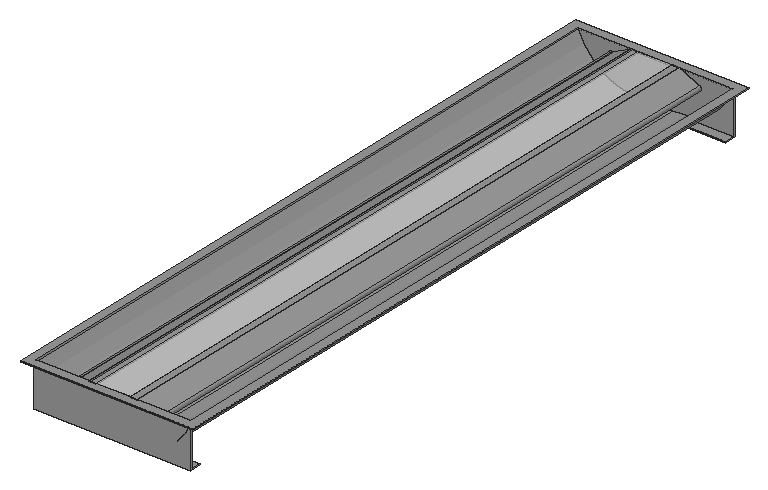
Revit family "44283", category Lighting Fixtures, host Face, Revit 2018
Family settings
  Host = Face
  Round Connector Dimension = Use Diameter
  Part Type = Normal
  OmniClass Number = 23.80.70.11.17
  OmniClass Title = Specialized Lighting by Location or Use
  Cut with Voids When Loaded = No
  Light Source = Yes
  Shared = No
  Room Calculation Point = No
Parameters (values of type "0044283 RUBICO LED 1200 HE 3K DALI")
  Width = 1196.0 mm
  Weight = 4.6 kg
  Wattage Comments = ""
  Wattage = 23.6608 W
  built-in parameter 1150110 = 1 (stored number, unit not read)
  Voltage Comments = "UNI ( Universal Voltage; 230-240 Volt )"  # constant formula
  Voltage = 230 V  # constant formula
  URL = "0"
  built-in parameter 1114217 = 1 (stored number, unit not read)
  Tilt Angle = -90.00°
  built-in parameter 1150109 = 1 (stored number, unit not read)
  built-in parameter 1150134 = (empty or 0)
  built-in parameter 1150113 = 1 (stored number, unit not read)
  Reflector Material = Steel_Sylvania_Rubico LED_White_RAL 9016
  Product Page URL = "http://www.sylvania-lighting.com/product/en-int/products/0044336"
  Product Family = "RUBICO LED - DALI DIMMABLE & EMERGENCY 3 HOUR"  # constant formula
  Photometry Comments = ""
  Photometric Web File = "0044283.ies"
  Life = "50 000h"  # constant formula
  Length = 296.0 mm
  LOR = "1"
  Keynote = "n/a"
  IP Rating = "IP20"  # constant formula
  IK Rating = "IK07"  # constant formula
  Housing Material = Steel_Sylvania_Rubico LED_White_RAL 9016
  Height = 75.0 mm
  Glow Wire Test = 850 °C  # constant formula
  Glare Control = "19>"  # constant formula
  Energy Class = "A++, A+, A"  # constant formula
  Emit from Rectangle Width = Cutout Length - 4.0 mm  # 266.0 mm
  Emit from Rectangle Length = Cutout Width - 4.0 mm  # 1166.0 mm
  Emit Shape Visible in Rendering = no
  Electrical Protection = "CLASS1"  # constant formula
  Drive Current = "700mA"  # constant formula
  Diffuser Width = Length - 236.0 mm  # 60.0 mm
  Diffuser 2 Material = Polycarbonate_Sylvania_Rubico LED_Clear
  Diffuser 1 Material = Steel_Sylvania_Rubico LED_White_RAL 9016
  Cutout Width = Width - 26.0 mm  # 1170.0 mm
  Cutout Length = Length - 26.0 mm  # 270.0 mm
  built-in parameter 1114216 [instance] = 1 (stored number, unit not read)
  Model = "RUBICO LED 1200x300 HE 3K DALI"
  Manufacturer = ""
  built-in parameter 1150105 = 152.44 (stored number, unit not read)
  Lumens = 1915.58 lm
  built-in parameter 1150115 = 1 (stored number, unit not read)
  built-in parameter 1150137 = (empty or 0)
  built-in parameter 1150139 = (empty or 0)
  built-in parameter 1150112 = 1 (stored number, unit not read)
  built-in parameter 1150114 = 1 (stored number, unit not read)
  Lamp = "n/a"
  built-in parameter 1150132 = 2
  built-in parameter 1150102 = (empty or 0)
  built-in parameter 1150107 = (empty or 0)
  built-in parameter 1150138 = (empty or 0)
  built-in parameter 1150106 = 1.5244 (stored number, unit not read)
  built-in parameter 1150104 = 7.5214 (stored number, unit not read)
  Dimming Lamp Color Temperature Shift = <None>
  Description = "Direct and Indirect light distribution. 31W - 46W LED recessed luminaire. Rubico LED Gen 2 is perfect for Office circulation areas, Corridors . Available with Micro Prismatic Optic (MPO) with satin side diffuser. Available in recessed (600x600 and 1200x300) . Rubico LED Gen 2 delivers high output up to 3,656lm (luminaire lumen output on 4,000K version). Rana LED delivers high efficiency up to 84lm/W (total system efficiency). Available in warm white (3,000K) and neutral white (4,000K). Energy efficient electronic gear including DALI and 3 hour emergency versions as standard. Long lifetime: 50,000 hours life at 70% of the original output L70. Less maintenance is required due to the long lifetime of 50,000hrs. Energy Class: A++, A+, A. LED technology provides an energy efficient solution with reduced maintenance costs. Comes complete with safety cable. Complete with protective film and quick connector for easy installation"  # constant formula
  Default Elevation = 0.0 mm
  Color Filter = 16777215
  Catalog Number = "0044336 RUBICO 300*1200 DALI E3 LED 4000 G2"
  built-in parameter 1140040 [instance] = 1
  CRI(Ra) = ">80"  # constant formula
  Body Material = Steel_Sylvania_Rubico LED_White_RAL 9016
  built-in parameter 1114218 = 1 (stored number, unit not read)
  built-in parameter 1150133 = 10 (stored number, unit not read)
  Assembly Code = "D5020200"
  Apparent Load Comments = ""
  Apparent Load = 26 VA
  Ambient temperature for maximum luminous flux (°C) = "25"  # constant formula
  Accessory Material = Steel_Sylvania_Rubico LED_White_RAL 9016
Reference planes
  plane 1 "Center (Front/Back)": y = 0
  plane 2: z = -5
  plane 3 "Center (Left/Right)": x = -27.322
  plane 4 "Housing Left": x = -162.322
  plane 5 "Housing Right": x = 107.678
  plane 6 "Housing Front": y = 585
  plane 7 "Housing Back": y = -585
  plane 8 "Fixture Right": x = 120.678
  plane 9 "Fixture Left": x = -175.322
  plane 10 "Fixture Front": y = 598
  plane 11 "Fixture Back": y = -598
  plane 12 "Fixture Top": z = -73
  plane 13 "Fixture Bottom": z = 0
  plane 14 "Profile Front": y = 583
  plane 15 "Profile Back": y = -583
  plane 16 "Profile Left": x = -160.322
  plane 17 "Profile Right": x = 105.678
  plane 18 "Diffuser Bottom": z = 0
  plane 19 "Diffuser Top": z = -2
  plane 20 "Accessory Left": x = -67.322
  plane 21 "Accessory Right": x = 12.678
  plane 22 "Diffuser Left": x = -57.322
  plane 23 "Diffuser Right": x = 2.678
  plane 24: z = -75
Forms (mm)
  Extrusion 1, void
    sketch origin (0, 0, 59) x (-1, 0, 0) y (0, -1, 0)
      loop
        line (-107.678, -585) -> (162.322, -585) -> (162.322, 585) -> (-107.678, 585) -> (-107.678, -585)
    from -132 to -61
  Extrusion 2, solid, material "Steel_Sylvania_Rubico LED_White_RAL 9016" <- "Housing Material", detail levels fine
    sketch origin (0, 0, 59) x (-1, 0, 0) y (0, -1, 0)
      loop
        line (175.322, -598) -> (175.322, 598) -> (-120.678, 598) -> (-120.678, -598) -> (175.322, -598)
      loop
        line (162.322, -585) -> (162.322, 585) -> (-107.678, 585) -> (-107.678, -585) -> (162.322, -585)
    from -61 to -59
  Extrusion 3, solid, material "Steel_Sylvania_Rubico LED_White_RAL 9016" <- "Housing Material", detail levels fine
    sketch origin (0, 0, 0) x (1, 0, 0) y (0, 0, 1)
      loop
        line (-57.322, -73) -> (2.678, -73)
        arc (2.678, -73) -> (66.054, -53.584) -> (107.678, -2) r 113.141
        line (107.678, -2) -> (107.678, 0) -> (105.678, 0) -> (105.678, -2)
        arc (105.678, -2) -> (64.666, -52.156) -> (2.678, -71) r 111.377
        line (2.678, -71) -> (-57.322, -71)
        arc (-57.322, -71) -> (-119.31, -52.156) -> (-160.322, -2) r 111.377
        line (-160.322, -2) -> (-160.322, 0) -> (-162.322, 0) -> (-162.322, -2)
        arc (-162.322, -2) -> (-120.698, -53.584) -> (-57.322, -73) r 113.141
    from -583 to 583
  Extrusion 4, solid, material "Steel_Sylvania_Rubico LED_White_RAL 9016" <- "Housing Material", detail levels fine
    sketch origin (0, 0, 0) x (1, 0, 0) y (0, 0, 1)
      loop
        line (107.678, 0) -> (-162.322, 0) -> (-162.322, -73) -> (107.678, -73) -> (107.678, 0)
    from 583 to 585
  Extrusion 5, solid, material "Steel_Sylvania_Rubico LED_White_RAL 9016" <- "Housing Material", detail levels fine
    sketch origin (0, 0, 0) x (1, 0, 0) y (0, 0, 1)
      loop
        line (-162.322, 0) -> (-162.322, -73) -> (107.678, -73) -> (107.678, 0) -> (-162.322, 0)
    from -585 to -583
  Extrusion 6, solid, material "Steel_Sylvania_Rubico LED_White_RAL 9016" <- "Diffuser 1 Material", detail levels fine
    sketch origin (0, 0, 0) x (1, 0, 0) y (0, 0, 1)
      loop
        line (12.678, 0) -> (12.678, -2) -> (14.734, -2) -> (47.833, -17.434)
        arc (47.833, -17.434) -> (49.284, -21.421) -> (45.297, -22.872) r 3
        line (45.297, -22.872) -> (44.452, -24.684)
        arc (44.452, -24.684) -> (51.096, -22.266) -> (48.678, -15.621) r 5
        line (48.678, -15.621) -> (15.178, 0) -> (12.678, 0)
      loop
        line (-67.322, 0) -> (-69.822, 0) -> (-103.322, -15.621)
        arc (-103.322, -15.621) -> (-105.741, -22.266) -> (-99.096, -24.684) r 5
        line (-99.096, -24.684) -> (-99.941, -22.872)
        arc (-99.941, -22.872) -> (-103.928, -21.421) -> (-102.477, -17.434) r 3
        line (-102.477, -17.434) -> (-69.379, -2) -> (-67.322, -2) -> (-67.322, 0)
    from -583 to 583
  Extrusion 7, solid, material "Steel_Sylvania_Rubico LED_White_RAL 9016" <- "Accessory Material", detail levels fine
    sketch origin (0, 0, 59) x (-1, 0, 0) y (0, -1, 0)
      loop
        line (57.322, -583) -> (67.322, -583) -> (67.322, 583) -> (57.322, 583) -> (57.322, -583)
      loop
        line (-2.678, -583) -> (-2.678, 583) -> (-12.678, 583) -> (-12.678, -583) -> (-2.678, -583)
    from -61 to -59
  Extrusion 8, solid, material "Polycarbonate_Sylvania_Rubico LED_Clear" <- "Diffuser 2 Material", detail levels fine
    sketch origin (0, 0, 59) x (-1, 0, 0) y (0, -1, 0)
      loop
        line (-2.678, -583) -> (57.322, -583) -> (57.322, 583) -> (-2.678, 583) -> (-2.678, -583)
    from -61 to -59
  Extrusion 9, solid, material "Steel_Sylvania_Rubico LED_White_RAL 9016" <- "Housing Material", detail levels coarse+medium
    sketch origin (0, 0, 59) x (-1, 0, 0) y (0, -1, 0)
      loop
        line (-120.678, -598) -> (175.322, -598) -> (175.322, 598) -> (-120.678, 598) -> (-120.678, -598)
    from -61 to -59
  Extrusion 10, solid, material "Steel_Sylvania_Rubico LED_White_RAL 9016" <- "Housing Material", detail levels coarse+medium
    sketch origin (0, 0, 0) x (1, 0, 0) y (0, 0, 1)
      loop
        line (-162.322, 0) -> (-162.322, -75) -> (107.678, -75) -> (107.678, 0) -> (-162.322, 0)
    from -585 to 585
  Extrusion 11, void
    sketch origin (0, 0, 59) x (-1, 0, 0) y (0, -1, 0)
      loop
        line (175.322, -598) -> (175.322, 598) -> (-120.678, 598) -> (-120.678, -598) -> (175.322, -598)
    from -61 to -59
  Extrusion 12, solid, material "Steel_Sylvania_Rubico LED_White_RAL 9016" <- "Housing Material", detail levels fine
    sketch origin (0, 0, 59) x (-1, 0, 0) y (0, -1, 0)
      loop
        line (162.322, -585) -> (162.322, -565) -> (-107.678, -565) -> (-107.678, -585) -> (162.322, -585)
      loop
        line (162.322, 585) -> (-107.678, 585) -> (-107.678, 565) -> (162.322, 565) -> (162.322, 585)
    from -134 to -132
Cuts and joins
  joined: Extrusion 2, Extrusion 3, Extrusion 4, Extrusion 5, Extrusion 12
  joined: Extrusion 9, Extrusion 10
Dimensions and locks
  equal spacing: plane 6 "Housing Front", plane 1 "Center (Front/Back)", plane 7 "Housing Back"
  equal spacing: plane 4 "Housing Left", plane 3 "Center (Left/Right)", plane 5 "Housing Right"
  "Cutout Length": plane 4 "Housing Left" to plane 5 "Housing Right"
  equal spacing: plane 9 "Fixture Left", plane 3 "Center (Left/Right)", plane 8 "Fixture Right"
  "Length": plane 9 "Fixture Left" to plane 8 "Fixture Right"
  equal spacing: plane 11 "Fixture Back", plane 1 "Center (Front/Back)", plane 10 "Fixture Front"
  "Width": plane 10 "Fixture Front" to plane 11 "Fixture Back"
  locked: plane 15 "Profile Back" to plane 7 "Housing Back" at 2
  locked: plane 14 "Profile Front" to plane 6 "Housing Front" at 2
  locked: plane 17 "Profile Right" to plane 5 "Housing Right" at 2
  locked: plane 4 "Housing Left" to plane 16 "Profile Left" at 2
  "Cutout Width": plane 6 "Housing Front" to plane 7 "Housing Back"
  equal spacing: plane 22 "Diffuser Left", plane 3 "Center (Left/Right)", plane 23 "Diffuser Right"
  "Diffuser Width": plane 22 "Diffuser Left" to plane 23 "Diffuser Right"
  plane 18 "Diffuser Bottom" to plane 19 "Diffuser Top" to plane 2 = 2.0 mm locked, 3.0 mm locked
  locked: Extrusion 6 sketch curve to Extrusion 6 sketch curve at 2  (x2)
  Extrusion 6 sketch curve to Extrusion 6 sketch curve to plane 20 "Accessory Left" = 33.5 mm locked, 2.5 mm locked
  Extrusion 6 sketch curve to Extrusion 6 sketch curve to plane 21 "Accessory Right" = 33.5 mm locked, 2.5 mm locked
  locked: plane 23 "Diffuser Right" to plane 21 "Accessory Right" at 10
  locked: plane 20 "Accessory Left" to plane 22 "Diffuser Left" at 10
  "Height": plane 18 "Diffuser Bottom" to plane 24
  locked: plane 6 "Housing Front" to Extrusion 12 sketch curve at 20
  locked: Extrusion 12 sketch curve to plane 7 "Housing Back" at 20
  locked: plane 12 "Fixture Top" to plane 24 at 2
  locked: Extrusion 3 sketch curve to plane 24 at 73  (x4)
  aligned and locked: host face to level
  aligned and locked: plane 6 "Housing Front" to Extrusion 1 sketch curve
  aligned and locked: plane 5 "Housing Right" to Extrusion 1 sketch curve
  aligned and locked: Extrusion 1 sketch curve to plane 7 "Housing Back"
  aligned and locked: Extrusion 1 sketch curve to plane 4 "Housing Left"
  aligned and locked: Extrusion 1 to plane 12 "Fixture Top"
  aligned and locked: Extrusion 2 sketch curve to plane 10 "Fixture Front"
  aligned and locked: plane 9 "Fixture Left" to Extrusion 2 sketch curve
  aligned and locked: Extrusion 2 sketch curve to plane 11 "Fixture Back"
  aligned and locked: Extrusion 2 sketch curve to plane 8 "Fixture Right"
  aligned and locked: plane 13 "Fixture Bottom" to Extrusion 2
  aligned and locked: plane 13 "Fixture Bottom" to Extrusion 4 sketch curve
  aligned and locked: Extrusion 4 to plane 7 "Housing Back"
  aligned and locked: Extrusion 4 to plane 15 "Profile Back"
  aligned and locked: Extrusion 5 sketch curve to plane 13 "Fixture Bottom"
  aligned and locked: plane 6 "Housing Front" to Extrusion 5
  aligned and locked: plane 14 "Profile Front" to Extrusion 5
  aligned and locked: Extrusion 7 sketch curve to plane 14 "Profile Front"
  aligned and locked: plane 22 "Diffuser Left" to Extrusion 7 sketch curve
  aligned and locked: Extrusion 6 to Extrusion 7 sketch curve
  aligned and locked: plane 14 "Profile Front" to Extrusion 7 sketch curve
  aligned and locked: Extrusion 7 sketch curve to plane 23 "Diffuser Right"
  aligned and locked: Extrusion 7 sketch curve to Extrusion 6  (x2)
  aligned and locked: plane 19 "Diffuser Top" to Extrusion 7
  aligned and locked: Extrusion 7 to plane 18 "Diffuser Bottom"
  aligned and locked: Extrusion 7 to Extrusion 8 sketch curve  (x2)
  aligned and locked: Extrusion 8 sketch curve to Extrusion 7  (x2)
  aligned and locked: plane 19 "Diffuser Top" to Extrusion 8
  aligned and locked: Extrusion 8 to plane 18 "Diffuser Bottom"
  aligned and locked: plane 13 "Fixture Bottom" to Extrusion 9
  aligned and locked: plane 3 "Center (Left/Right)" to imposter light
  aligned and locked: plane 1 "Center (Front/Back)" to imposter light
  aligned and locked: plane 13 "Fixture Bottom" to imposter light
  aligned and locked: Extrusion 10 sketch curve to imposter light
  aligned and locked: Extrusion 10 to plane 7 "Housing Back"
  aligned and locked: plane 6 "Housing Front" to Extrusion 10
  aligned and locked: Extrusion 11 sketch curve to plane 8 "Fixture Right"
  aligned and locked: plane 9 "Fixture Left" to Extrusion 11 sketch curve
  aligned and locked: Extrusion 11 sketch curve to plane 10 "Fixture Front"
  aligned and locked: Extrusion 11 sketch curve to plane 11 "Fixture Back"
  aligned and locked: level to Extrusion 11
  aligned and locked: level to plane 13 "Fixture Bottom"
  aligned and locked: Extrusion 7 sketch curve to plane 20 "Accessory Left"
  aligned and locked: Extrusion 6 sketch curve to plane 21 "Accessory Right"
  aligned and locked: Extrusion 6 sketch curve to plane 20 "Accessory Left"
  aligned and locked: plane 23 "Diffuser Right" to Extrusion 3 sketch curve
  aligned and locked: plane 22 "Diffuser Left" to Extrusion 3 sketch curve
  aligned and locked: Extrusion 3 sketch curve to plane 12 "Fixture Top"
  aligned and locked: Extrusion 10 sketch curve to plane 5 "Housing Right"
  aligned and locked: Extrusion 10 sketch curve to plane 4 "Housing Left"
  aligned and locked: Extrusion 4 sketch curve to plane 4 "Housing Left"
  aligned and locked: Extrusion 4 sketch curve to plane 5 "Housing Right"
  aligned and locked: Extrusion 2 sketch curve to Extrusion 10  (x3)
  aligned and locked: Extrusion 2 sketch curve to Extrusion 4
  aligned and locked: Extrusion 3 sketch curve to plane 17 "Profile Right"
  aligned and locked: Extrusion 3 sketch curve to plane 5 "Housing Right"
  aligned and locked: host face to Extrusion 3 sketch curve
  aligned and locked: Extrusion 3 sketch curve to plane 4 "Housing Left"
  aligned and locked: Extrusion 3 sketch curve to plane 16 "Profile Left"
  aligned and locked: Extrusion 2 to Extrusion 3 sketch curve
  aligned and locked: Extrusion 5 sketch curve to plane 4 "Housing Left"
  aligned and locked: Extrusion 5 sketch curve to plane 5 "Housing Right"
  aligned and locked: plane 19 "Diffuser Top" to cut or joined group of Extrusion 2, Extrusion 3, Extrusion 4, Extrusion 5, Extrusion 12
  aligned and locked: plane 19 "Diffuser Top" to Extrusion 9
  aligned and locked: plane 19 "Diffuser Top" to Extrusion 11
  aligned and locked: Extrusion 1 to plane 19 "Diffuser Top"
  aligned and locked: Extrusion 12 sketch curve to plane 6 "Housing Front"
  aligned and locked: Extrusion 12 to plane 24
  aligned and locked: plane 12 "Fixture Top" to Extrusion 12
  aligned and locked: plane 4 "Housing Left" to Extrusion 12 sketch curve  (x2)
  aligned and locked: Extrusion 12 sketch curve to plane 5 "Housing Right"
  aligned and locked: Extrusion 5 sketch curve to plane 12 "Fixture Top"
  aligned and locked: Extrusion 4 sketch curve to plane 12 "Fixture Top"
  aligned and locked: Extrusion 12 sketch curve to plane 7 "Housing Back"
  aligned and locked: plane 5 "Housing Right" to Extrusion 12 sketch curve
  aligned and locked: Extrusion 10 sketch curve to plane 24
  aligned and locked: plane 16 "Profile Left" to Extrusion 3 sketch curve
  aligned and locked: plane 4 "Housing Left" to Extrusion 3 sketch curve
  aligned and locked: plane 5 "Housing Right" to Extrusion 3 sketch curve
  aligned and locked: plane 17 "Profile Right" to Extrusion 3 sketch curve
  aligned and locked: plane 14 "Profile Front" to cut or joined group of Extrusion 2, Extrusion 3, Extrusion 4, Extrusion 5, Extrusion 12
  aligned and locked: plane 15 "Profile Back" to Extrusion 3
  aligned and locked: Extrusion 3 to Extrusion 4
  aligned and locked: plane 15 "Profile Back" to Extrusion 6
  aligned and locked: Extrusion 6 to plane 14 "Profile Front"
  aligned and locked: Extrusion 3 to plane 14 "Profile Front"
Automatic sketch dimensions
  host sketch curve to host sketch curve = 1874.119 mm
  host sketch curve to host sketch curve = 1731.672 mm
  Extrusion 9 sketch curve to plane 8 "Fixture Right" = 0.0 mm
  Extrusion 9 sketch curve to plane 9 "Fixture Left" = 0.0 mm
  Extrusion 9 sketch curve to plane 10 "Fixture Front" = 0.0 mm
  plane 11 "Fixture Back" to Extrusion 9 sketch curve = 0.0 mm
  Extrusion 6 sketch curve to Extrusion 6 sketch curve = 0.0 mm  (x5)
  Extrusion 6 sketch curve to level = 0.0 mm  (x2)
  Extrusion 6 sketch curve to plane 19 "Diffuser Top" = 0.0 mm  (x2)
  Extrusion 6 sketch curve to Extrusion 6 sketch curve = 0.443 mm  (x2)
  Extrusion 6 sketch curve to Extrusion 6 sketch curve = 4.226 mm  (x2)
  Extrusion 6 sketch curve to plane 2 = 12.434 mm  (x2)
  Extrusion 6 sketch curve to Extrusion 6 sketch curve = 1.268 mm  (x2)
  Extrusion 3 sketch curve to plane 22 "Diffuser Left" = 0.0 mm
  plane 23 "Diffuser Right" to Extrusion 3 sketch curve = 0.0 mm
  Extrusion 3 sketch curve to Extrusion 3 sketch curve = 2.0 mm
  Extrusion 6 sketch curve to plane 20 "Accessory Left" = 32.619 mm
  Extrusion 6 sketch curve to Extrusion 6 sketch curve = 0.845 mm
  Extrusion 6 sketch curve to Extrusion 6 sketch curve = 7.25 mm
  Extrusion 6 sketch curve to plane 2 = 19.684 mm
Connectors
  electrical at (-27.322, 0, -73), driven by "Voltage", driven by "Apparent Load"
    settings: index 1, voltage 230 V, apparent load 0 VA, apparent load phase1 26 VA, apparent load phase2 0 VA, apparent load phase3 0 VA, power factor 1, load classification "Lighting", number of poles 1, system type 31, power factor state 1, is connector primary yes, connector utility no, sub classification motor no, connector description ""
